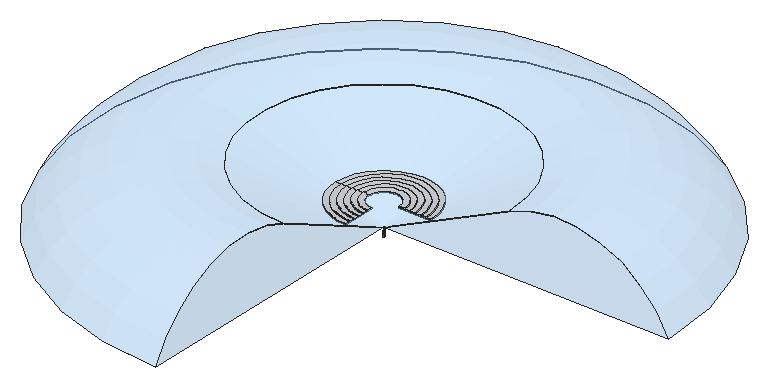
Revit family "HUNTER_I-25-06", category Sprinklers, Revit 2017
Family settings
  Maintain Annotation Orientation = No
  Round Connector Dimension = Use Diameter
  Part Type = Normal
  OmniClass Number = 23.11.27.15.11.11
  OmniClass Title = Installed Sprinkler Heads
  Work Plane-Based = No
  Always vertical = Yes
  Cut with Voids When Loaded = No
  Shared = Yes
  Room Calculation Point = No
Parameters (values of type "I-25-06-High speed 7 Orange-5.0bar-13.40m")
  Water Pattern = Water Arc : Water Arc
  Water = Water
  Valid Trajectory Arc [instance] = if(Trajectory Arc < Arc Min, Arc Min, if(Trajectory Arc > Arc Max, Arc Max, Trajectory Arc))  # 270.00°
  URL = "https://www.hunterindustries.com/irrigation-product/rotors/i-25"
  Type Image = <None>
  Type Comments = "Rotor I-25-06 with Plastic Riser"
  Trajectory Ref [instance] = (if(Trajectory Arc < Arc Min, Arc Min, if(Trajectory Arc > Arc Max, Arc Max, Trajectory Arc))) / 1.00°  # 270
  Trajectory Radius = 13400.000 mm
  Trajectory Angle = 25.00°  # constant formula
  Symbol = I-25-06 Symbol : I-25-06 Symbol
  Show Water Spray = yes
  Show 2D Symbol = yes
  Riser Material = I-25-06 : I-25-06
  Pressure = 500.0 kPa
  Precipitation Rate = "21 mm/hr"
  Pop Up Material = Hunter® ABS Plastic
  Pop Up Height = 150.000 mm  # constant formula
  Nozzle Tag = "I-25-06-High Speed 7 Orange"
  Model = "I-25-06-High Speed 7 Orange"
  Keynote = "328423.02"
  Inlet Size = "1\" BSP"
  Connection_Dia = 30.000 mm  # constant formula
  Nozzle Size = "Hunter® (7 Orange) High Speed Nozzle"
  Exposed Diameter = 50.000 mm  # constant formula
  Body Material = Hunter® ABS Plastic
  Manufacturer = "Hunter® Industries"
  Product Flow [instance] = 31.1 L/min
  Diameter = 609.6 mm
  Description = "Hunter I-25-06 Rotor Body with Preinstalled Check in Valve and (7 Orange) High Speed Nozzle"
  Body Height = 260.000 mm  # constant formula
  Assembly Code = "G2050700"
  Trajectory Arc [instance] = 270.00°
  Arc Min = 50.00°  # constant formula
  Arc Max = 360.00°  # constant formula
Types (10, lengths in mm): name | Valid Trajectory Arc | Trajectory Ref | Trajectory Radius | Pressure | Precipitation Rate | Nozzle Tag | Model | Nozzle Size | Product Flow | Description | Trajectory Arc
  I-25-06-Standard 7 Orange-5.0bar-14.90m | 360.00° | 360 | 14900.000 | 500.0 kPa | "16 mm/hr" | "I-25-06-7 Orange" | "I-25-06- Standard 7 Orange" | "Hunter® (7 Orange) Standard Nozzle" | 30.1 L/min | "Hunter I-25-06 Rotor Body with Preinstalled Check in Valve and (7 Orange) Standard Nozzle" | 360.00°
  I-25-06-Standard 10 Lt.Green-5.0bar-16.20m | 360.00° | 360 | 16200.000 | 500.0 kPa | "21 mm/hr" | "I-25-06-10 Lt. Green" | "I-25-06-Standard 10 Lt. Green" | "Hunter® (10 Lt. Green) Standard Nozzle" | 46.3 L/min | "Hunter I-25-06 Rotor Body with Preinstalled Check in Valve and (10 Lt. Green) Standard Nozzle" | 360.00°
  I-25-06-Standard 15 Grey-5.0bar-17.40m | 360.00° | 360 | 17400.000 | 500.0 kPa | "23 mm/hr" | "I-25-06-15 Grey" | "I-25-06-Standard 15 Grey" | "Hunter® (15 Grey) Standard Nozzle" | 58.8 L/min | "Hunter I-25-06 Rotor Body with Preinstalled Check in Valve and (15 Grey) Standard Nozzle" | 360.00°
  I-25-06-Standard 20 Dk. Brown-5.50bar-19.50m | 360.00° | 360 | 19500.000 | 550.0 kPa | "25 mm/hr" | "I-25-06-20 Dk. Brown" | "I-25-06-Standard 20 Dk. Brown" | "Hunter® (20 Dk. Brown) Standard Nozzle" | 77.7 L/min | "Hunter I-25-06 Rotor Body with Preinstalled Check in Valve and (20 Dk. Brown) Standard Nozzle" | 360.00°
  I-25-06-Standard 25 Dk. Blue-6.0bar-21.00m | 360.00° | 360 | 21000.000 | 600.0 kPa | "30 mm/hr" | "I-25-06- 25 Dk. Blue" | "I-25-06- Standard 25 Dk. Blue" | "Hunter® (25 Dk. Blue) Standard Nozzle" | 110.0 L/min | "Hunter I-25-06 Rotor Body with Preinstalled Check in Valve and (25 Dk. Blue) Standard Nozzle" | 360.00°
  I-25-06-High speed 7 Orange-5.0bar-13.40m | 270.00° | 270 | 13400.000 | 500.0 kPa | "21 mm/hr" | "I-25-06-High Speed 7 Orange" | "I-25-06-High Speed 7 Orange" | "Hunter® (7 Orange) High Speed Nozzle" | 31.1 L/min | "Hunter I-25-06 Rotor Body with Preinstalled Check in Valve and (7 Orange) High Speed Nozzle" | 270.00°
  I-25-06-High speed 10 Lt.Green-5.0bar-14.90m | 270.00° | 270 | 14900.000 | 500.0 kPa | "25 mm/hr" | "I-25-06-High Speed 10 Lt. Green" | "I-25-06-High Speed 10 Lt. Green" | "Hunter® (10 Lt. Green) High Speed Nozzle" | 46.3 L/min | "Hunter I-25-06 Rotor Body with Preinstalled Check in Valve and (10 Lt. Green) Standard Nozzle" | 270.00°
  I-25-06-High speed 15 Grey-5.0bar-16.20m | 270.00° | 270 | 16200.000 | 500.0 kPa | "27 mm/hr" | "I-25-06-High Speed 15 Grey" | "I-25-06-High Speed 15 Grey" | "Hunter® (15 Grey) High Speed Nozzle" | 58.8 L/min | "Hunter I-25-06 Rotor Body with Preinstalled Check in Valve and (15 Grey) High Speed Nozzle" | 270.00°
  I-25-06-High speed 20 Dk. Brown-5.50bar-17.70m | 270.00° | 270 | 17700.000 | 550.0 kPa | "30 mm/hr" | "I-25-06-High Speed 20 Dk. Brown" | "I-25-06-High Speed 20 Dk. Brown" | "Hunter® (20 Dk. Brown) High Speed Nozzle" | 77.7 L/min | "Hunter I-25-06 Rotor Body with Preinstalled Check in Valve and (20 Dk. Brown) High Speed Nozzle" | 270.00°
  I-25-06-High speed 25 Dk. Blue-6.0bar-19.80m | 270.00° | 270 | 19800.000 | 600.0 kPa | "34 mm/hr" | "I-25-06-High Speed 25 Dk. Blue" | "I-25-06-High Speed 25 Dk. Blue" | "Hunter® (25 Dk. Blue) High Speed Nozzle" | 110.0 L/min | "Hunter I-25-06 Rotor Body with Preinstalled Check in Valve and (25 Dk. Blue) High Speed Nozzle" | 270.00°
Reference planes
  plane 1 "Center (Front/Back)": y = 0
  plane 2: z = 0
  plane 3 "Center (Left/Right)": x = 0
Lines and regions (mm)
  model lines
    curve 1: circle (0, 0, 0) r 25 normal (0, 0, 1)
    curve 2: line (25, 0, 0) -> (-25, 0, 0)
    curve 3: line (0, 25, 0) -> (0, -25, 0)
Dimensions and locks
  aligned and locked: level to plane 2
Nested families
  nested 1: "Water Arc" at (0, 0, 140), type <- "Water Pattern", visible <- "Show Water Spray", type "Water Arc"
    with r1 5663.085 mm, Trajectory Arc 270.00°, Radius 13400.000 mm
  nested 2: "I-25-06" at (0, 0, 0), type <- "Riser Material", type "I-25-06"
  nested 3: "I-25-06 Symbol" at (0, 0, 1250), Trajectory Arc <- "Valid Trajectory Arc", type <- "Symbol", visible <- "Show 2D Symbol", type "I-25-06 Symbol"
    with Trajectory Ref 270, Trajectory Arc 270.00°, Ann Trajectory 270.00°
Connectors
  piping at (0, 0, -242.374), diameter 32, driven by "Product Flow"
    settings: on nested 2, index 2, connector inside diameter 609.6 mm, connector length 0.000 mm, flow factor 0, pipe flow 31.1 L/min, pressure drop 0.0 kPa, fitting loss kfactor 0, connector angle 0.00°, fixture units 0, engagement length 0.000 mm, angle of deflection 0.00°, flow configuration 0, flow direction 1, fitting loss method 2, system type 29, joint type 0, gender type 0, connector reference index -1, connector utility 0, adjustable connector no, is connector primary yes, connector description ""
Definition of nested family "Water Arc"
  Parameters (values of type "Water Arc")
    r1 = Radius * sin(Arc_Angle)  # 1901.782 mm
    Trajectory Arc = 180.00°
    Radius = 4500.000 mm
    Material = none
    Arc_Angle = 25.00°
  Reference planes
    plane 1 "Center (Front/Back)": y = 0
    plane 2: z = 0
    plane 3 "Center (Left/Right)": x = 0
  Forms (mm)
    Revolve 1, solid, material <- "Material"
      sketch origin (0, 0, 100) x (1, 0, 0) y (0, 0, 1)
        loop
          line (0, -100) -> (4500, -100)
          arc (4500, -100) -> (3426.848, 883.363) -> (1972.672, 819.872) r 1901.782
          line (1972.672, 819.872) -> (0, -100)
        axis (0, -100) -> (0, 819.872)
      angle from 0 to 180 <- "Trajectory Arc"
  Dimensions and locks
    "Radius": Revolve 1 sketch curve to plane 3 "Center (Left/Right)"
    "r1": radius of Revolve 1 sketch curve
    "Arc_Angle": angle Revolve 1 sketch curve to Revolve 1 sketch curve
    aligned and locked: level to plane 2
    aligned and locked: plane 3 "Center (Left/Right)" to Revolve 1 sketch curve
    aligned and locked: Revolve 1 sketch curve to level
  Automatic sketch dimensions
    Revolve 1 sketch curve to plane 3 "Center (Left/Right)" = 0.000 mm
    Revolve 1 sketch curve to Revolve 1 sketch curve = 191.442 mm
    Revolve 1 sketch curve to Revolve 1 sketch curve = 1280.000 mm
Definition of nested family "I-25-06"
  Parameters (values of type "I-25-06")
    R_Pipe_Connection = 15.671 mm
    Pop_Up = 100.000 mm
    ON = yes
    Material = none
    Dia = 25.315 mm
    Body_Height = 190.000 mm
  Reference planes
    plane 1 "Center (Front/Back)": y = 0
    plane 2: z = 0
    plane 3 "Center (Left/Right)": x = 0
  Forms (mm)
    Revolve 1, solid
      sketch origin (0, 0, 0) x (1, 0, 0) y (0, 0, 1)
        loop
          line (0, 6.425) -> (0, -242.374) -> (16, -242.374) -> (16, -244.374) -> (24.619, -244.374)
          arc (24.619, -244.374) -> (25.444, -244.128) -> (25.999, -243.471) r 1.506
          line (25.999, -243.471) -> (29.854, -234.65) -> (29.854, -83.62) -> (36.138, -54.874) -> (36.138, -35.586) -> (35.491, -18.744)
          arc (35.491, -18.744) -> (34.705, -15.935) -> (32.733, -13.786) r 6.274
          line (32.733, -13.786) -> (27.279, -8.332) -> (26.279, -8.332) -> (26.279, -5.86) -> (23.214, 0) -> (23.214, 4.166)
          arc (23.214, 4.166) -> (22.552, 5.763) -> (20.955, 6.425) r 2.259
          line (20.955, 6.425) -> (0, 6.425)
        axis (0, 6.425) -> (0, -244.374)
      angle from 0 to 360
    Extrusion 2, solid, visible <- "ON"
      sketch origin (0, 0, 0) x (1, 0, 0) y (0, 1, 0)
        loop
          circle (0, 0) r 20
      from 0 to 150
    Revolve 3, solid, material <- "Material", visible <- "ON"
      sketch origin (0, 0, 0) x (1, 0, 0) y (0, 0, 1)
        loop
          arc (23.214, 151.549) -> (22.552, 153.146) -> (20.955, 153.808) r 2.259
          line (20.955, 153.808) -> (0, 153.808) -> (0, 150) -> (23.214, 150) -> (23.214, 151.549)
        axis (0, 153.808) -> (0, 150)
      angle from 0 to 360
  Dimensions and locks
    aligned and locked: level to plane 2
    aligned and locked: Revolve 3 to Extrusion 2
Definition of nested family "I-25-06 Symbol"
  Parameters (values of type "I-25-06 Symbol")
    Trajectory Ref [instance] = Trajectory Arc / 1.00°  # 50
    Trajectory Arc [instance] = 50.00°
    Nozzle Tag = M_Label Annotation : M_Label Annotation
    Ann Trajectory [instance] = Trajectory Arc  # 50.00°
  Reference planes
    plane 1 "Center (Front/Back)": y = 0
    plane 2: z = 0
    plane 3 "Center (Left/Right)": x = 0
  Forms (mm)
    Extrusion 1, solid
      sketch origin (0, 0, 0) x (1, 0, 0) y (0, 1, 0)
        loop
          circle (0, 0) r 2250
        loop
          circle (0, 0) r 700
      from 0 to 50
    Revolve 2, void
      sketch origin (0, 0, 0) x (1, 0, 0) y (0, 0, 1)
        loop
          line (700, 90) -> (700, 20) -> (960, 50) -> (960, 20) -> (1220, 50) -> (1220, 20) -> (1480, 50) -> (1480, 20) -> (1740, 50) -> (1740, 20) -> (1999.96, 49.995) -> (1999.96, 20) -> (2259.96, 50) -> (2259.96, 90) -> (700, 90)
        axis (0, 90) -> (0, 20)
      angle from 360 to 0
    Revolve 3, void
      sketch origin (0, 0, 0) x (1, 0, 0) y (0, 0, 1)
        loop
          line (0, 149.939) -> (0, -50.061) -> (2260, -50.061) -> (2260, 149.939) -> (0, 149.939)
        axis (0, 149.939) -> (0, -50.061)
      angle from 359 to 50 <- "Trajectory Arc"
  Cuts and joins
    Revolve 2, Revolve 3 cuts Extrusion 1
  Dimensions and locks
    aligned and locked: plane 2 to level
